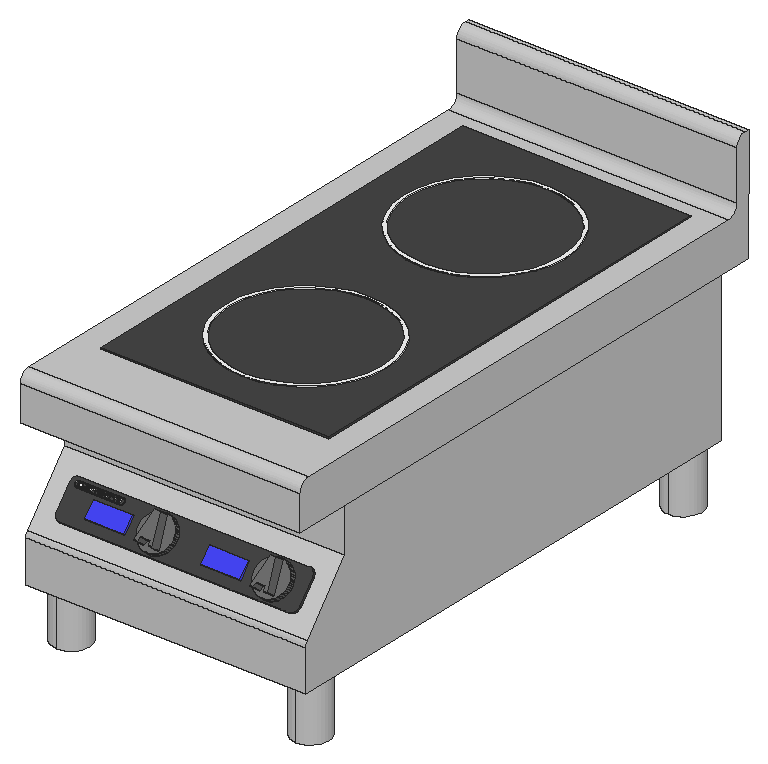
Revit family "QF_ADVENTYS_MO2I_12000_250902091512", category Specialty Equipment, Revit 2021
Family settings
  Round Connector Dimension = Use Diameter
  Part Type = Normal
  OmniClass Number = 23.40.40.14
  OmniClass Title = Food Service Equipment
  Work Plane-Based = No
  Always vertical = Yes
  Cut with Voids When Loaded = No
  Shared = No
  Room Calculation Point = No
Parameters (values of type "ADV1657")
  Weight in Pounds [instance] = 0
  Weight = 43.00 kg
  Warranty Start Date [instance] = ""
  Warranty Duration [instance] = ""
  Volts [instance] = 400 V
  URL Recommended Spares List = ""
  URL Manufacturer = ""
  URL Cutsheet = ""
  URL Critical Spares List = ""
  URL = "www.adventys.com"
  Tag Number [instance] = ""
  Status [instance] = ""
  Specification by User [instance] = ""
  Specification by Manufacturer [instance] = ""
  Sound Level [instance] = ""
  Solid Fuel Type [instance] = ""
  Service Life Duration [instance] = ""
  Serial Number [instance] = ""
  Seismic Rating [instance] = ""
  SMACNA No [instance] = ""
  Revision Code [instance] = ""
  Revision [instance] = ""
  Production Year [instance] = ""
  Point Load [instance] = 0
  Phase [instance] = 3
  Other Equipment Approvals [instance] = ""
  Number of Poles [instance] = 3
  NAFEM Spec ID Number [instance] = ""
  Model Warning [instance] = ""
  Model = "MO2I 12000"
  Min Ckt Ampacity [instance] = 0 A
  Max Overcurrent Protection [instance] = 0 A
  Masterspec [instance] = ""
  Manufacturer = "ADVENTYS"
  Length Actual = 400 mm
  Item Number [instance] = ""
  Installed By [instance] = ""
  Installation Date [instance] = ""
  Identify Quantity as Lot [instance] = no
  ID [instance] = ""
  Hygiene Approval [instance] = ""
  Hot Water Consumption = 0.0 L/s
  Height Actual = 456 mm
  HP power [instance] = ""
  Furnished By [instance] = ""
  Foodservice Equipment Identifier [instance] = no
  FL Amps [instance] = 20 A
  Electrical Remarks [instance] = "Plug not included"
  Electric power [instance] = 0 W
  Electric Connection Type [instance] = "Cord&Plug"
  Elec Conn RI Height [instance] = 0 mm
  Elec Conn Connection Height [instance] = 0 mm
  ETL Approved [instance] = no
  Description = "INDUCTION MODULE 2 ZONES THREE-PHASE"
  Depth Actual = 800 mm
  Default Elevation = 0 mm
  Cycle [instance] = 50 Hz
  Cost = 0
  Conn Plug [instance] = ""
  Conn Conduit [instance] = no
  CSI MasterFormat [instance] = ""
  CE Approved [instance] = no
  Barcode [instance] = 0
  Author [instance] = ""
  Asset Identifier [instance] = ""
  Apparent Power [instance] = 12000 VA
  Accessory = no
Reference planes
  plane 1 "Center (Front/Back)": y = 0
  plane 2: z = 0
  plane 3 "Center (Left/Right)": x = 0
Forms (mm)
  Extrusion 1, solid, not visible
    sketch origin (111.005, -39.002, 227.011) x (1, 0, 0) y (0, 1, 0)
      loop
        line (-2, 2) -> (-2, -2) -> (2, -2) -> (2, 2) -> (-2, 2)
    from -2 to 2
Dimensions and locks
  locked: Extrusion 1 to nested 2
  locked: nested 2 to Extrusion 1 at 2
  aligned and locked: level to plane 2
Nested families
  nested 1: "QF_ADVENTYS_ADV1656_2916" at (0, 0, 0), type "ADV1657"
    with Status "", Show Logo yes
  nested 2: "CONN_POINT_ELE_2D___Generic_Annotation" at (111.005, -37.002, 227.011), type "CONN_POINT_ELE_2D___Generic_Annotation"
    with Onboard connection annotation symbol visibility yes
Connectors
  electrical at (111.005, -37.002, 227.011), driven by "Apparent Power", driven by "Number of Poles", driven by "Volts"
    settings: on Extrusion 1, index 1, voltage 400 V, apparent load 0 VA, apparent load phase1 12000 VA, apparent load phase2 0 VA, apparent load phase3 0 VA, power factor 1, load classification "Other", number of poles 3, system type 31, power factor state 1, is connector primary yes, connector utility no, sub classification motor no, connector description "Electrical connection for MO2I 12000"
Definition of nested family "QF_ADVENTYS_ADV1656_2916"
  Parameters (values of type "ADV1657")
    URL = "www.adventys.com"
    Status [instance] = ""
    Show Logo [instance] = yes
    Model = "MO2I 12000"
    Manufacturer = "ADVENTYS"
    Description = "INDUCTION MODULE 2 ZONES THREE-PHASE"
    Default Elevation = 0 mm
    Author = "SPECIFI"
    Assembly Code = "E1090320"
  Types (2, lengths in mm): name | Model
    ADV1656 | "MO2I 8000"
    ADV1657 | "MO2I 12000"
  Reference planes
    plane 1 "Back": y = 0
    plane 2: z = 0
    plane 3 "Left": x = 0
    plane 4 "Right": x = 400
    plane 5 "Front": y = -800
    plane 6 "Top": z = 455.8
  Forms (mm)
    Extrusion 1, solid
      sketch origin (0, 0, 0) x (0, 1, 0) y (0, 0, 1)
        loop
          line (-790, 80) -> (-50, 80) -> (-50, 290.8) -> (-720, 290.8) -> (-720, 227.161) -> (-787.017, 147.294)
          arc (-787.017, 147.294) -> (-789.078, 143.88) -> (-790, 140) r 12.92
          line (-790, 140) -> (-790, 80)
      from 0 to 400
    Extrusion 2, solid
      sketch origin (0, 0, 0) x (0, 1, 0) y (0, 0, 1)
        loop
          line (0, 290.8) -> (0, 455.8) -> (-5, 455.8)
          arc (-5, 455.8) -> (-15.607, 451.407) -> (-20, 440.8) r 15
          line (-20, 440.8) -> (-20, 370.8)
          arc (-20, 370.8) -> (-24.393, 360.193) -> (-35, 355.8) r 15
          line (-35, 355.8) -> (-785, 355.8)
          arc (-785, 355.8) -> (-795.607, 351.407) -> (-800, 340.8) r 15
          line (-800, 340.8) -> (-800, 290.8) -> (0, 290.8)
      from 0 to 400
    Extrusion 3, solid
      sketch origin (37, -56.5, 0) x (1, 0, 0) y (0, 1, 0)
        loop
          line (0, 0) -> (0, -646) -> (326, -646) -> (326, 0) -> (0, 0)
      from 355.8 to 357.613
    Extrusion 4, solid
      sketch origin (0, 0, 0) x (1, 0, 0) y (0, 1, 0)
        loop
          circle (200, -220) r 115
        loop
          circle (200, -220) r 110
        loop
          circle (200, -540.027) r 114.929
        loop
          circle (200, -540.027) r 110
      from 357.613 to 358.673
    Extrusion 5, solid
      sketch origin (525, -720, 227.161) x (0, -0.642788, -0.766044) y (1, 0, 0)
        loop
          arc (26.45, -488.6) -> (29.379, -495.671) -> (36.45, -498.6) r 10
          line (36.45, -498.6) -> (72.45, -498.6)
          arc (72.45, -498.6) -> (79.521, -495.671) -> (82.45, -488.6) r 10
          line (82.45, -488.6) -> (82.45, -161.4)
          arc (82.45, -161.4) -> (79.521, -154.329) -> (72.45, -151.4) r 10
          line (72.45, -151.4) -> (36.45, -151.4)
          arc (36.45, -151.4) -> (29.379, -154.329) -> (26.45, -161.4) r 10
          line (26.45, -161.4) -> (26.45, -488.6)
      from 0 to 1.881
    Extrusion 6, solid
      sketch origin (525, -720, 227.161) x (0, -0.642788, -0.766044) y (1, 0, 0)
        loop
          line (44.95, -459.1) -> (68.95, -459.1) -> (68.95, -403.1) -> (44.95, -403.1) -> (44.95, -459.1)
        loop
          line (44.95, -293.6) -> (68.95, -293.6) -> (68.95, -237.6) -> (44.95, -237.6) -> (44.95, -293.6)
      from 1.881 to 3.679
    Extrusion 7, solid
      sketch origin (525, -720, 227.161) x (0, -0.642788, -0.766044) y (1, 0, 0)
        loop
          line (77.193, -371.481) -> (78.52, -367.858) -> (79.283, -363.991) -> (79.427, -360.015) -> (78.941, -356.081) -> (77.862, -352.331) -> (76.265, -348.888) -> (74.254, -345.841) -> (71.944, -343.24) -> (69.45, -341.1) -> (66.873, -339.405) -> (64.297, -338.121) -> (61.785, -337.2) -> (59.381, -336.591) -> (56.817, -336.212) -> (54.45, -336.1) -> (52.084, -336.212) -> (49.52, -336.591) -> (47.116, -337.2) -> (44.604, -338.121) -> (42.027, -339.405) -> (39.45, -341.1) -> (36.956, -343.24) -> (34.647, -345.841) -> (32.636, -348.888) -> (31.039, -352.331) -> (29.959, -356.081) -> (29.474, -360.015) -> (29.618, -363.991) -> (30.381, -367.858) -> (31.708, -371.481) -> (33.507, -374.752) -> (35.926, -377.889) -> (38.945, -380.711) -> (42.475, -383.045) -> (46.365, -384.756) -> (50.423, -385.773) -> (54.45, -386.1) -> (58.478, -385.773) -> (62.536, -384.756) -> (66.426, -383.045) -> (69.956, -380.711) -> (72.974, -377.889) -> (75.393, -374.752) -> (77.193, -371.481)
        loop
          line (78.941, -191.081) -> (77.862, -187.331) -> (76.265, -183.888) -> (74.254, -180.841) -> (71.944, -178.24) -> (69.45, -176.1) -> (66.873, -174.405) -> (64.297, -173.121) -> (61.785, -172.2) -> (59.381, -171.591) -> (56.817, -171.212) -> (54.45, -171.1) -> (52.084, -171.212) -> (49.52, -171.591) -> (47.116, -172.2) -> (44.604, -173.121) -> (42.027, -174.405) -> (39.45, -176.1) -> (36.956, -178.24) -> (34.647, -180.841) -> (32.636, -183.888) -> (31.039, -187.331) -> (29.959, -191.081) -> (29.474, -195.015) -> (29.618, -198.991) -> (30.381, -202.858) -> (31.708, -206.481) -> (33.507, -209.752) -> (35.926, -212.889) -> (38.945, -215.711) -> (42.475, -218.045) -> (46.365, -219.756) -> (50.423, -220.773) -> (54.45, -221.1) -> (58.478, -220.773) -> (62.536, -219.756) -> (66.426, -218.045) -> (69.956, -215.711) -> (72.974, -212.889) -> (75.393, -209.752) -> (77.193, -206.481) -> (78.52, -202.858) -> (79.283, -198.991) -> (79.427, -195.015) -> (78.941, -191.081)
      from 1.881 to 10
    Extrusion 8, solid
      sketch origin (525, -720, 227.161) x (0, -0.642788, -0.766044) y (1, 0, 0)
        loop
          line (72.45, -353.1) -> (72.45, -348.1) -> (31.45, -357.1) -> (31.45, -365.1) -> (72.45, -374.1) -> (72.45, -369.1) -> (66.45, -367.1) -> (66.45, -355.1) -> (72.45, -353.1)
      from 10 to 25.009
    Extrusion 9, solid
      sketch origin (690, -720, 227.161) x (0, -0.642788, -0.766044) y (1, 0, 0)
        loop
          line (72.45, -353.1) -> (72.45, -348.1) -> (31.45, -357.1) -> (31.45, -365.1) -> (72.45, -374.1) -> (72.45, -369.1) -> (66.45, -367.1) -> (66.45, -355.1) -> (72.45, -353.1)
      from 10 to 25.009
    Revolve 10, solid
      sketch origin (29, 0, 0) x (0, 1, 0) y (0, 0, 1)
        loop
          line (-719, 0) -> (-719, 80) -> (-745, 80) -> (-745, 0) -> (-719, 0)
        axis (-745, 80) -> (-745, 0)
      angle from 0 to 360
    Revolve 11, solid
      sketch origin (29, 665, 0) x (0, 1, 0) y (0, 0, 1)
        loop
          line (-719, 0) -> (-719, 80) -> (-745, 80) -> (-745, 0) -> (-719, 0)
        axis (-745, 80) -> (-745, 0)
      angle from 0 to 360
    Revolve 12, solid
      sketch origin (371, 0, 0) x (0, 1, 0) y (0, 0, 1)
        loop
          line (-719, 0) -> (-719, 80) -> (-745, 80) -> (-745, 0) -> (-719, 0)
        axis (-745, 80) -> (-745, 0)
      angle from 0 to 360
    Revolve 13, solid
      sketch origin (371, 665, 0) x (0, 1, 0) y (0, 0, 1)
        loop
          line (-719, 0) -> (-719, 80) -> (-745, 80) -> (-745, 0) -> (-719, 0)
        axis (-745, 80) -> (-745, 0)
      angle from 0 to 360
    Extrusion 14, solid
      sketch origin (0, 0, 0) x (1, 0, 0) y (0, 0, 1)
        loop
          line (173, 264) -> (47, 264) -> (47, 170) -> (173, 170) -> (173, 264)
      from 47.858 to 50
    Extrusion 15, solid
      sketch origin (0, 0, 0) x (1, 0, 0) y (0, 0, 1)
        loop
          circle (110.78, 227.161) r 15
      from 36.426 to 47.858
    Extrusion 16, solid, visible <- "Show Logo"
      sketch origin (-49.765, -336.128, 412.563) x (1, 0, 0) y (0, 0.642788, 0.766044)
        loop
          arc (88.581, -421.313) -> (88.113, -421.507) -> (87.92, -421.974) r 0.661
          line (87.92, -421.974) -> (87.92, -423.61)
          arc (87.92, -423.61) -> (88.124, -424.087) -> (88.609, -424.27) r 0.661
          line (88.609, -424.27) -> (88.609, -423.032)
          arc (88.609, -423.032) -> (88.952, -422.351) -> (89.662, -422.077) r 1.058
          line (89.662, -422.077) -> (92.486, -422.077)
          arc (92.486, -422.077) -> (92.335, -421.544) -> (91.833, -421.313) r 0.661
          line (91.833, -421.313) -> (88.581, -421.313)
        loop
          arc (88.581, -420.916) -> (87.833, -421.226) -> (87.523, -421.974) r 1.058
          line (87.523, -421.974) -> (87.523, -423.61)
          arc (87.523, -423.61) -> (87.843, -424.368) -> (88.609, -424.667) r 1.058
          arc (88.609, -424.667) -> (88.88, -425.483) -> (89.667, -425.828) r 1.058
          arc (89.667, -425.828) -> (89.974, -426.583) -> (90.725, -426.896) r 1.058
          line (90.725, -426.896) -> (93.719, -426.896)
          arc (93.719, -426.896) -> (94.467, -426.586) -> (94.777, -425.838) r 1.058
          line (94.777, -425.838) -> (94.777, -424.306)
          arc (94.777, -424.306) -> (94.463, -423.554) -> (93.708, -423.248) r 1.058
          arc (93.708, -423.248) -> (93.515, -422.517) -> (92.883, -422.101) r 1.058
          arc (92.883, -422.101) -> (92.625, -421.273) -> (91.833, -420.916) r 1.058
          line (91.833, -420.916) -> (88.581, -420.916)
        loop
          arc (93.719, -426.499) -> (94.187, -426.306) -> (94.38, -425.838) r 0.661
          line (94.38, -425.838) -> (94.38, -424.306)
          arc (94.38, -424.306) -> (94.185, -423.837) -> (93.714, -423.645) r 0.661
          line (93.714, -423.645) -> (93.714, -424.77)
          arc (93.714, -424.77) -> (93.404, -425.518) -> (92.656, -425.828) r 1.058
          line (92.656, -425.828) -> (90.064, -425.828)
          arc (90.064, -425.828) -> (90.254, -426.302) -> (90.725, -426.499) r 0.661
          line (90.725, -426.499) -> (93.719, -426.499)
        loop
          arc (95.546, -425.156) -> (95.587, -425.684) -> (96.116, -425.67) r 0.384
          line (96.116, -425.67) -> (96.845, -424.94) -> (99.743, -424.94) -> (100.472, -425.67)
          arc (100.472, -425.67) -> (101.001, -425.684) -> (101.042, -425.156) r 0.384
          line (101.042, -425.156) -> (98.294, -421.762) -> (95.546, -425.156)
        loop
          line (98.294, -423.127) -> (97.364, -424.275) -> (99.224, -424.275) -> (98.294, -423.127)
        loop
          line (102.315, -421.827) -> (102.315, -425.732) -> (105.995, -425.732)
          arc (105.995, -425.732) -> (107.947, -423.78) -> (105.995, -421.827) r 1.953
          line (105.995, -421.827) -> (102.315, -421.827)
        loop
          line (105.995, -422.854) -> (103.343, -422.854) -> (103.343, -424.705) -> (105.995, -424.705)
          arc (105.995, -424.705) -> (106.92, -423.78) -> (105.995, -422.854) r 0.925
        loop
          arc (109.84, -422.053) -> (109.312, -422.039) -> (109.27, -422.566) r 0.384
          line (109.27, -422.566) -> (112.019, -425.961) -> (114.767, -422.566)
          arc (114.767, -422.566) -> (114.725, -422.039) -> (114.197, -422.053) r 0.384
          line (114.197, -422.053) -> (112.019, -424.743) -> (109.84, -422.053)
        loop
          line (121.269, -421.781) -> (116.07, -421.781) -> (116.07, -425.732) -> (121.269, -425.732)
          arc (121.269, -425.732) -> (121.671, -425.331) -> (121.269, -424.93) r 0.401
          line (121.269, -424.93) -> (116.972, -424.93) -> (116.972, -424.139) -> (121.269, -424.139)
          arc (121.269, -424.139) -> (121.633, -423.775) -> (121.269, -423.412) r 0.363
          line (121.269, -423.412) -> (116.972, -423.412) -> (116.972, -422.583) -> (121.269, -422.583)
          arc (121.269, -422.583) -> (121.671, -422.182) -> (121.269, -421.781) r 0.401
        loop
          line (122.879, -422.331) -> (122.879, -425.274)
          arc (122.879, -425.274) -> (123.306, -425.701) -> (123.733, -425.274) r 0.427
          line (123.733, -425.274) -> (123.733, -423.122) -> (127.538, -425.5)
          arc (127.538, -425.5) -> (128.155, -425.516) -> (128.468, -424.984) r 0.608
          line (128.468, -424.984) -> (128.468, -422.254)
          arc (128.468, -422.254) -> (128.018, -421.804) -> (127.568, -422.254) r 0.45
          line (127.568, -422.254) -> (127.568, -424.337) -> (123.663, -421.897)
          arc (123.663, -421.897) -> (123.143, -421.883) -> (122.879, -422.331) r 0.513
        loop
          arc (130.273, -421.857) -> (129.778, -422.352) -> (130.273, -422.846) r 0.494
          line (130.273, -422.846) -> (132.065, -422.846) -> (132.065, -425.082)
          arc (132.065, -425.082) -> (132.54, -425.558) -> (133.016, -425.082) r 0.475
          line (133.016, -425.082) -> (133.016, -422.846) -> (134.724, -422.846)
          arc (134.724, -422.846) -> (135.218, -422.352) -> (134.724, -421.857) r 0.494
          line (134.724, -421.857) -> (130.273, -421.857)
        loop
          line (139.461, -423.175) -> (137.5, -421.853)
          arc (137.5, -421.853) -> (136.836, -421.982) -> (136.965, -422.646) r 0.479
          line (136.965, -422.646) -> (138.926, -423.969) -> (138.926, -425.108)
          arc (138.926, -425.108) -> (139.461, -425.643) -> (139.997, -425.108) r 0.535
          line (139.997, -425.108) -> (139.997, -423.969) -> (141.958, -422.646)
          arc (141.958, -422.646) -> (142.087, -421.982) -> (141.423, -421.853) r 0.479
          line (141.423, -421.853) -> (139.461, -423.175)
        loop
          line (148.501, -421.857) -> (144.795, -421.857)
          arc (144.795, -421.857) -> (143.661, -422.991) -> (144.795, -424.125) r 1.134
          line (144.795, -424.125) -> (147.852, -424.125)
          arc (147.852, -424.125) -> (148.265, -424.538) -> (147.852, -424.951) r 0.413
          line (147.852, -424.951) -> (144.128, -424.951)
          arc (144.128, -424.951) -> (143.786, -425.292) -> (144.128, -425.634) r 0.342
          line (144.128, -425.634) -> (148.218, -425.634)
          arc (148.218, -425.634) -> (148.994, -424.394) -> (147.885, -423.44) r 1.122
          line (147.885, -423.44) -> (144.736, -423.44)
          arc (144.736, -423.44) -> (144.286, -422.99) -> (144.736, -422.541) r 0.45
          line (144.736, -422.541) -> (148.501, -422.541)
          arc (148.501, -422.541) -> (148.843, -422.199) -> (148.501, -421.857) r 0.342
        loop
          arc (87.442, -420.162) -> (83.674, -423.931) -> (87.442, -427.699) r 3.769
          line (87.442, -427.699) -> (150.103, -427.699)
          arc (150.103, -427.699) -> (153.872, -423.931) -> (150.103, -420.162) r 3.769
          line (150.103, -420.162) -> (87.442, -420.162)
        loop
          arc (87.442, -419.771) -> (83.283, -423.931) -> (87.442, -428.091) r 4.16
          line (87.442, -428.091) -> (150.103, -428.091)
          arc (150.103, -428.091) -> (154.263, -423.931) -> (150.103, -419.771) r 4.16
          line (150.103, -419.771) -> (87.442, -419.771)
      from 176.77 to 176.97
  Lines and regions (mm)
    symbolic lines
      curve 1: line (0, 0, 0) -> (400, 0, 0)
      curve 2: line (0, -800, 0) -> (0, 0, 0)
      curve 3: line (400, -800, 0) -> (0, -800, 0)
      curve 4: line (400, 0, 0) -> (400, -800, 0)
      curve 5: line (37, -56.5, 0) -> (363, -56.5, 0)
      curve 6: line (37, -702.5, 0) -> (37, -56.5, 0)
      curve 7: line (363, -702.5, 0) -> (37, -702.5, 0)
      curve 8: line (363, -56.5, 0) -> (363, -702.5, 0)
      curve 9: arc (315, -220, 0) -> (200, -105, 0) -> (85, -220, 0) r 115
      curve 10: arc (85, -220, 0) -> (200, -335, 0) -> (315, -220, 0) r 115
      curve 11: arc (314.929, -540.027, 0) -> (200, -425.098, 0) -> (85.071, -540.027, 0) r 114.929
      curve 12: arc (85.071, -540.027, 0) -> (200, -654.955, 0) -> (314.929, -540.027, 0) r 114.929
      curve 13: line (0, -20, 0) -> (400, -20, 0)
  Dimensions and locks
    plane 6 "Top" to level = 455.8 mm
    plane 3 "Left" to plane 4 "Right" = 400 mm
    plane 5 "Front" to plane 1 "Back" = 800 mm
    aligned and locked: level to plane 2
Definition of nested family "CONN_POINT_ELE_2D___Generic_Annotation"
  Parameters (values of type "CONN_POINT_ELE_2D___Generic_Annotation")
    Onboard connection annotation symbol visibility [instance] = yes
  Reference planes
    plane 1: y = 0
    plane 2: x = 0
  Lines and regions (mm)
    detail lines, visible <- "Onboard connection annotation symbol visibility"
      curve 1: circle (0, 0, 0) r 0.5 normal (0, 0, 1)
      curve 2: line (-1, 0, 0) -> (1, 0, 0)
      curve 3: line (0, 1, 0) -> (0, -1, 0)
      curve 4: line (2.5, 1, 0) -> (1.25, 1, 0)
      curve 5: line (1.25, 1, 0) -> (1.25, -1, 0)
      curve 6: line (1.25, -1, 0) -> (2.5, -1, 0)
      curve 7: line (1.25, 0, 0) -> (2, 0, 0)
